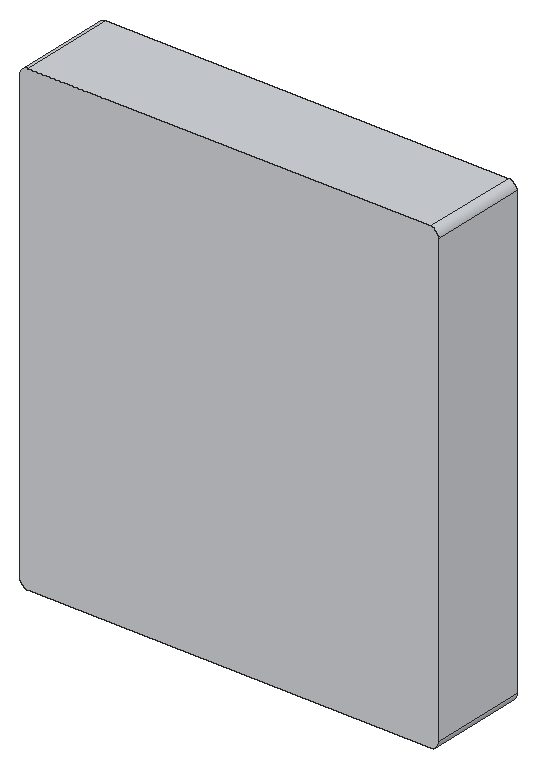
Revit family "Atlas_Sound_IP-SDMF_Wall_Flush_Mounted", category Communication Devices, host Wall, Revit 2016
Family settings
  Host = Wall
  Maintain Annotation Orientation = No
  Part Type = Normal
  Round Connector Dimension = Use Diameter
  Always vertical = Yes
  Cut with Voids When Loaded = No
  Shared = No
  Room Calculation Point = No
Parameters
  Warranty Duration (Years) = 0
  URL = "https://www.atlasied.com/ip-sdmf"
  Specification = ""
  SpecWizard = ""
  Send Message = ""
  Sales Information = ""
  Revision = ""
  Product Properties = ""
  Product Data = "https://www.atlasied.com/f/6028/IP-SDMF_Datasheet.pdf"
  OmniClass Title = ""
  OmniClass Number = ""
  MasterFormat04 Keynote = ""
  Manufacturer's Notes = ""
  Manufacturer Website = "https://www.atlasied.com/"
  Manufacturer Phone - Toll Free = "800-876-3333"
  Manufacturer Phone = "602-438-4545"
  Manufacturer Fax = "602-438-8692"
  Manufacturer Email = ""
  Manufacturer Address = "4545 E. Baseline Rd. Phoenix, AZ 85040"
  Manufacturer = "Atlas Sound"
  Maintenance Schedule (Months) = 0
  Installation-Fabrication = "https://www.atlasied.com/f/5898/ipx-series-endpoint-speaker-install-sheet.pdf"
  Installation Phase = ""
  Green Building-LEED = ""
  Expected Lifespan (Years) = 0
  Drawn By = "Matt Wunch"
  Description = "POE+ indoor wall mount IP speaker with LCD display and LED flashers"
  Copyright = "Arcat, Inc. ©2018"
  Construction Details = ""
  Company_ID = 38830
  Category = ""
  Building Codes = ""
Reference planes (in)
  plane 1: y = 0
  plane 2 "Center (Left/Right)": x = 0
  plane 3 "Wall Edge": y = 3
Text (in)
  text "Placement Side" at (0, 40.15149, 123.01588), in view "Right"
  text "Placement Side" at (-70.3804, 28.46503, 0), in view "Ref. Level"
  text "Placement Side" at (0, 81.62555, 140.59947), in view "Left"
Dimensions and locks (in)
  locked: plane 3 "Wall Edge" to host wall
Nested families (in)
  nested 1: "Nested_Family_IP-SDMF" at (0, 3, 48) x (-1, 0, 0) z (0, 1, 0), type "Nested_Family_IP-SDMF"
Connectors (in)
  electrical at (0, 3, 48)
    settings: on nested 1, index 1, voltage 0 V, apparent load 0 VA, apparent load phase1 0 VA, apparent load phase2 0 VA, apparent load phase3 0 VA, power factor 1, load classification "Other", number of poles 1, system type 14, power factor state 1, is connector primary yes, connector utility no, sub classification motor no, connector description ""
Definition of nested family "Nested_Family_IP-SDMF"
  Parameters (values of type "Nested_Family_IP-SDMF")
    Width = 1' - 0 7/8"
    Warranty Duration (Years) = 0
    URL = ""
    Specification = ""
    SpecWizard = ""
    Send Message = ""
    Sales Information = ""
    Revision = ""
    Product Properties = ""
    Product Data = ""
    OmniClass Title = ""
    OmniClass Number = ""
    Model = ""
    MasterFormat04 Keynote = ""
    Manufacturer's Notes = ""
    Manufacturer Website = ""
    Manufacturer Phone - Toll Free = ""
    Manufacturer Phone = ""
    Manufacturer Fax = ""
    Manufacturer Email = ""
    Manufacturer Address = ""
    Manufacturer = ""
    Maintenance Schedule (Months) = 0
    Installation-Fabrication = ""
    Installation Phase = ""
    Height = 1' - 2 3/8"
    Green Building-LEED = ""
    Expected Lifespan (Years) = 0
    Drawn By = "Matt Wunch"
    Description = ""
    Default Elevation = 4' - 0"
    Copyright = "Arcat, Inc. ©2018"
    Construction Details = ""
    Company_ID = 38830
    Category = ""
    Building Codes = ""
  Reference planes (in)
    plane 1 "Center (Front/Back)": y = 0
    plane 2: z = 0
    plane 3 "Center (Left/Right)": x = 0
    plane 4: x = -6.4375
    plane 5: x = 6.4375
    plane 6: y = -7.1875
    plane 7: y = 7.1875
  Forms (in)
    Extrusion 1, solid
      sketch origin (0, 0, 0) x (1, 0, 0) y (0, 1, 0)
        loop
          arc (-6.1875, 7.1875) -> (-6.36428, 7.11428) -> (-6.4375, 6.9375) r 0.25
          line (-6.4375, 6.9375) -> (-6.4375, -6.9375)
          arc (-6.4375, -6.9375) -> (-6.36428, -7.11428) -> (-6.1875, -7.1875) r 0.25
          line (-6.1875, -7.1875) -> (6.1875, -7.1875)
          arc (6.1875, -7.1875) -> (6.36428, -7.11428) -> (6.4375, -6.9375) r 0.25
          line (6.4375, -6.9375) -> (6.4375, 6.9375)
          arc (6.4375, 6.9375) -> (6.36428, 7.11428) -> (6.1875, 7.1875) r 0.25
          line (6.1875, 7.1875) -> (-6.1875, 7.1875)
      from -3 to 0
  Lines and regions (in)
    model lines
      curve 1: line (-6.0625, 6.6875, 0) -> (6.0625, 6.6875, 0)
      curve 2: line (-6.3125, -6.4375, 0) -> (-6.3125, 6.4375, 0)
      curve 3: line (6.0625, -6.6875, 0) -> (-6.0625, -6.6875, 0)
      curve 4: line (6.3125, 6.4375, 0) -> (6.3125, -6.4375, 0)
      curve 5: arc (-6.3125, 6.4375, 0) -> (-6.23928, 6.61428, 0) -> (-6.0625, 6.6875, 0) r 0.25
      curve 6: arc (6.0625, 6.6875, 0) -> (6.23928, 6.61428, 0) -> (6.3125, 6.4375, 0) r 0.25
      curve 7: arc (6.3125, -6.4375, 0) -> (6.23928, -6.61428, 0) -> (6.0625, -6.6875, 0) r 0.25
      curve 8: arc (-6.0625, -6.6875, 0) -> (-6.23928, -6.61428, 0) -> (-6.3125, -6.4375, 0) r 0.25
      curve 9: line (-5.375, -2.1875, 0) -> (5.375, -2.1875, 0)
      curve 10: line (-5.5, -5.5625, 0) -> (-5.5, -2.3125, 0)
      curve 11: line (5.375, -5.6875, 0) -> (2.125, -5.6875, 0)
      curve 12: line (5.5, -2.3125, 0) -> (5.5, -5.5625, 0)
      curve 13: arc (-5.5, -2.3125, 0) -> (-5.46339, -2.22411, 0) -> (-5.375, -2.1875, 0) r 0.125
      curve 14: arc (-5.5, -5.5625, 0) -> (-5.46339, -5.65089, 0) -> (-5.375, -5.6875, 0) r 0.125
      curve 15: arc (5.375, -5.6875, 0) -> (5.46339, -5.65089, 0) -> (5.5, -5.5625, 0) r 0.125
      curve 16: arc (5.5, -2.3125, 0) -> (5.46339, -2.22411, 0) -> (5.375, -2.1875, 0) r 0.125
      curve 17: line (-2, -5.8125, 0) -> (-2, -6.3125, 0)
      curve 18: line (-1.875, -6.4375, 0) -> (1.875, -6.4375, 0)
      curve 19: line (2, -6.3125, 0) -> (2, -5.8125, 0)
      curve 20: line (-2.125, -5.6875, 0) -> (-5.375, -5.6875, 0)
      curve 21: arc (-2.125, -5.6875, 0) -> (-2.03661, -5.72411, 0) -> (-2, -5.8125, 0) r 0.125
      curve 22: arc (-2, -6.3125, 0) -> (-1.96339, -6.40089, 0) -> (-1.875, -6.4375, 0) r 0.125
      curve 23: arc (1.875, -6.4375, 0) -> (1.96339, -6.40089, 0) -> (2, -6.3125, 0) r 0.125
      curve 24: arc (2, -5.8125, 0) -> (2.03661, -5.72411, 0) -> (2.125, -5.6875, 0) r 0.125
  Dimensions and locks (in)
    equal spacing: plane 4, plane 3 "Center (Left/Right)", plane 5
    "Width": plane 4 to plane 5
    equal spacing: plane 7, plane 1 "Center (Front/Back)", plane 6
    "Height": plane 7 to plane 6
    aligned and locked: plane 2 to level
    aligned and locked: Extrusion 1 sketch curve to plane 4
    aligned and locked: Extrusion 1 sketch curve to plane 7
    aligned and locked: Extrusion 1 sketch curve to plane 5
    aligned and locked: Extrusion 1 sketch curve to plane 6
  Automatic sketch dimensions
    Extrusion 1 sketch curve to plane 4 = 0' - 0 1/4"  (x2)
    Extrusion 1 sketch curve to plane 5 = 0' - 0 1/4"  (x2)
    curve 8 to Extrusion 1 = 0' - 0 3/8"
    curve 5 to Extrusion 1 = 0' - 0 3/8"
    curve 6 to Extrusion 1 = 0' - 0 3/8"
    curve 7 to Extrusion 1 = 0' - 0 3/8"
    curve 8 to Extrusion 1 = 0' - 0 3/4"
    curve 6 to Extrusion 1 = 0' - 0 3/4"
    curve 2 to Extrusion 1 = 0' - 0 1/8"
    curve 6 to Extrusion 1 = 0' - 0 1/8"
    curve 10 to plane 4 = 0' - 0 15/16"
    curve 10 to curve 14 = 0' - 0 1/8"
    curve 10 to curve 13 = 0' - 0 1/8"
    curve 20 to plane 3 "Center (Left/Right)" = 0' - 2 1/8"
    curve 21 to curve 17 = 0' - 0 1/8"
    curve 22 to curve 18 = 0' - 0 1/8"
    curve 23 to plane 6 = 0' - 0 7/8"
    plane 3 "Center (Left/Right)" to curve 23 = 0' - 1 7/8"
    curve 23 to curve 19 = 0' - 0 1/8"
    curve 19 to curve 24 = 0' - 0 1/8"
    curve 16 to plane 5 = 0' - 1 1/16"
    curve 15 to plane 5 = 0' - 1 1/16"
    curve 16 to curve 12 = 0' - 0 1/8"
    curve 22 to curve 17 = 0' - 0 1/2"
    curve 19 to curve 24 = 0' - 0 1/2"
    plane 1 "Center (Front/Back)" to curve 10 = 0' - 2 5/16"
